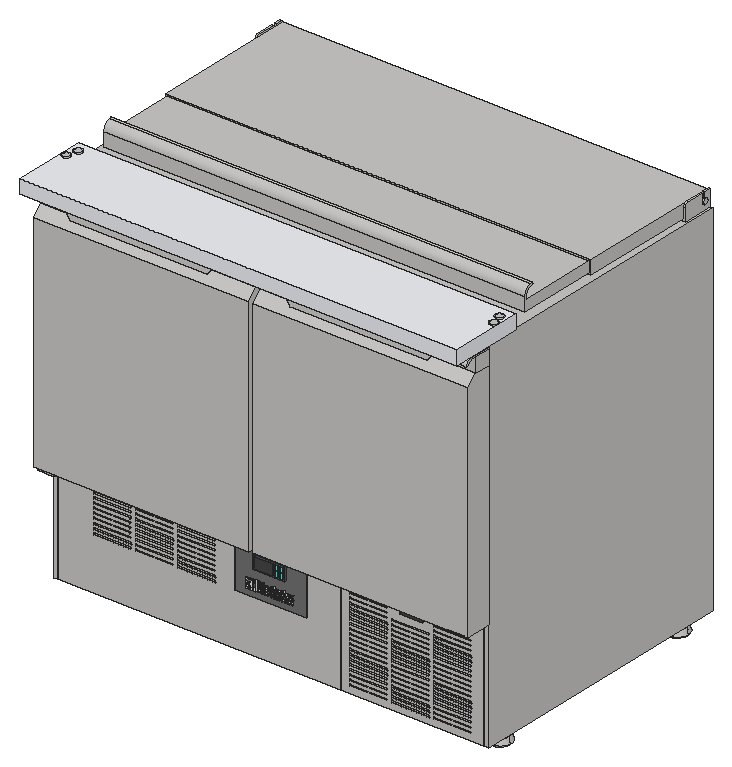
Revit family "QF_ELECTROLUXPROFESSIONAL_725107_SAL25L2C9", category Attrezzature speciali, Revit 2021
Family settings
  Quota connettore circolare = Usa diametro
  Tipo di parte = Normale
  Basato su piano di lavoro = No
  Sempre verticale = Sì
  Taglio con vuoti quando caricato = No
  Condiviso = No
  Punto di calcolo locali = No
Parameters (values of type "Standard")
  Weight = 68.00 kg
  Watts = 220 W
  Volts = 220 V
  URL Manufacturer = "https://www.electroluxprofessional.com/"
  URL = "https://www.electroluxprofessional.com/"
  Steam Supply Size = 0 mm
  Steam Supply Minimum Pressure = 0.0 Pa
  Steam Supply Maximum Pressure = 0.0 Pa
  Steam Consumption per Hour = 0
  Refrigeration Suction Line Size = 0 mm
  Refrigeration Liquid Line Size = 0 mm
  Refrigerant Compressor Remote = yes
  Prospetto di default = 0 mm
  Produttore = "Electrolux Professional"
  Phase = 1
  Modello = "SAL25L2C9"
  Length Actual = 950 mm  # constant formula
  Item Number = "725107"
  Hot Water Size = 0 mm
  Height Actual = 863 mm  # constant formula
  HP = "0.3 HP"
  Gas Size = 0 mm
  Gas KW = 0
  Gas Input Pressure = 0 W
  Direct Waste Size = 0 mm
  Descrizione = "2-DOOR SALADETTE 250L+LID+CHOPPING BOARD R290"
  Depth Actual = 700 mm  # constant formula
  Cycle = 50 Hz
  Condensate Return Size = 0 mm
  Compressed Air Volume = 0.0 L/s
  Compressed Air Size = 0 mm
  Compressed Air Pressure = 0.0 Pa
  Cold Water Size = 0 mm
  Accessory = yes
Reference planes
  plane 1: z = 0
  plane 2 "Center (Left/Right)": x = -126.5
  plane 3 "Center (Front/Back)": y = 64.5
  plane 4 "BACK": y = 414.5
  plane 5 "FRONT": y = -285.5
  plane 6 "LEFT": x = -604
  plane 7 "RIGHT": x = 351
  plane 8 "FEET": z = 20
  plane 9 "TOP": z = 838
  plane 10 "PLAIN": z = 808
  plane 11 "EI_back": y = 414.5
  plane 12 "EI_left": x = 287.5
  plane 13 "BorderFront": y = -252.5
  plane 14 "DOOR": y = -197.5
  plane 15 "BorderLeft": x = -601.5
  plane 16 "BorderRight": x = 348.5
  plane 17: x = -576.5
  plane 18: x = 323.5
  plane 19: y = -701.5
  plane 20: z = 260
  plane 21 "FeetBack": y = 347.5
  plane 22 "FeetFront": y = -137.5
  plane 23 "FeetRight": x = 326.2
  plane 24 "FeetLeft": x = -579.2
  plane 25 "DrainX": x = -271.5
  plane 26 "DrainY": y = 91.5
  plane 27: z = 238
  plane 28: z = 1140
Forms (mm)
  Extrusion 1, solid, material "QF_Finishes_Stainless Steel"
    sketch origin (-1022.223, 359, -1763) x (-1, 0, 0) y (0, 0, -1)
      loop
        circle (-1309.723, -1883) r 5
    from -55.5 to -57.278
  Extrusion 2, solid, material "QF_Finishes_Stainless Steel"
    sketch origin (-1022.223, -1524, 20) x (-1, 0, 0) y (0, -1, 0)
      loop
        line (-420.723, -1938.5) -> (-420.723, -1326.5) -> (-1370.723, -1326.5) -> (-1370.723, -1938.5) -> (-420.723, -1938.5)
    from 0 to 788
  Extrusion 3, solid, material "QF_Finishes_White"
    sketch origin (0, 0, 808) x (-1, 0, 0) y (0, -1, 0)
      loop
        line (604, 125.5) -> (604, 285.5) -> (-351, 285.5) -> (-351, 125.5) -> (604, 125.5)
      loop
        circle (586.656, 148.884) r 8.77
      loop
        circle (593.656, 172.884) r 8.77
      loop
        circle (-333.656, 148.884) r 8.77
      loop
        circle (-340.656, 172.884) r 8.77
    from 0 to 30
  Extrusion 4, void
    sketch origin (0, 0, 0) x (1, 0, 0) y (0, 1, 0)
      loop
        line (-591.5, -197.5) -> (338.5, -197.5) -> (338.5, -195.5) -> (-591.5, -195.5) -> (-591.5, -197.5)
    from 20 to 260
  Extrusion 5, solid, material "QF_Finishes_Stainless Steel"
    sketch origin (0, 0, 0) x (1, 0, 0) y (0, 1, 0)
      loop
        line (-591.5, -195.5) -> (-591.5, -197.5) -> (26.373, -197.5) -> (26.373, -195.5) -> (-591.5, -195.5)
    from 20 to 260
  Extrusion 6, solid, material "QF_Finishes_Stainless Steel"
    sketch origin (0, 0, 0) x (1, 0, 0) y (0, 1, 0)
      loop
        line (26.373, -195.5) -> (26.373, -197.5) -> (338.5, -197.5) -> (338.5, -195.5) -> (26.373, -195.5)
    from 20 to 260
  Extrusion 7, void
    sketch origin (560, -285.5, 0) x (-1, 0, 0) y (0, 0, 1)
      loop
        line (514.036, 239.427) -> (431.036, 239.427) -> (431.036, 234.427) -> (514.036, 234.427) -> (514.036, 239.427)
      loop
        line (514.036, 229.427) -> (431.036, 229.427) -> (431.036, 224.427) -> (514.036, 224.427) -> (514.036, 229.427)
      loop
        line (514.036, 219.427) -> (431.036, 219.427) -> (431.036, 214.427) -> (514.036, 214.427) -> (514.036, 219.427)
      loop
        line (514.036, 209.427) -> (431.036, 209.427) -> (431.036, 204.427) -> (514.036, 204.427) -> (514.036, 209.427)
      loop
        line (514.036, 199.427) -> (431.036, 199.427) -> (431.036, 194.427) -> (514.036, 194.427) -> (514.036, 199.427)
      loop
        line (514.036, 189.427) -> (431.036, 189.427) -> (431.036, 184.427) -> (514.036, 184.427) -> (514.036, 189.427)
      loop
        line (514.036, 179.427) -> (431.036, 179.427) -> (431.036, 174.427) -> (514.036, 174.427) -> (514.036, 179.427)
      loop
        line (514.036, 169.427) -> (431.036, 169.427) -> (431.036, 164.427) -> (514.036, 164.427) -> (514.036, 169.427)
      loop
        line (514.036, 149.427) -> (431.036, 149.427) -> (431.036, 144.427) -> (514.036, 144.427) -> (514.036, 149.427)
      loop
        line (514.036, 139.427) -> (431.036, 139.427) -> (431.036, 134.427) -> (514.036, 134.427) -> (514.036, 139.427)
      loop
        line (422.036, 199.427) -> (339.036, 199.427) -> (339.036, 194.427) -> (422.036, 194.427) -> (422.036, 199.427)
      loop
        line (422.036, 189.427) -> (339.036, 189.427) -> (339.036, 184.427) -> (422.036, 184.427) -> (422.036, 189.427)
      loop
        line (422.036, 179.427) -> (339.036, 179.427) -> (339.036, 174.427) -> (422.036, 174.427) -> (422.036, 179.427)
      loop
        line (422.036, 149.427) -> (339.036, 149.427) -> (339.036, 144.427) -> (422.036, 144.427) -> (422.036, 149.427)
      loop
        line (422.036, 139.427) -> (339.036, 139.427) -> (339.036, 134.427) -> (422.036, 134.427) -> (422.036, 139.427)
      loop
        line (330.036, 239.427) -> (247.036, 239.427) -> (247.036, 234.427) -> (330.036, 234.427) -> (330.036, 239.427)
      loop
        line (330.036, 229.427) -> (247.036, 229.427) -> (247.036, 224.427) -> (330.036, 224.427) -> (330.036, 229.427)
      loop
        line (330.036, 219.427) -> (247.036, 219.427) -> (247.036, 214.427) -> (330.036, 214.427) -> (330.036, 219.427)
      loop
        line (330.036, 209.427) -> (247.036, 209.427) -> (247.036, 204.427) -> (330.036, 204.427) -> (330.036, 209.427)
      loop
        line (330.036, 199.427) -> (247.036, 199.427) -> (247.036, 194.427) -> (330.036, 194.427) -> (330.036, 199.427)
      loop
        line (330.036, 189.427) -> (247.036, 189.427) -> (247.036, 184.427) -> (330.036, 184.427) -> (330.036, 189.427)
      loop
        line (330.036, 179.427) -> (247.036, 179.427) -> (247.036, 174.427) -> (330.036, 174.427) -> (330.036, 179.427)
      loop
        line (330.036, 149.427) -> (247.036, 149.427) -> (247.036, 144.427) -> (330.036, 144.427) -> (330.036, 149.427)
      loop
        line (330.036, 139.427) -> (247.036, 139.427) -> (247.036, 134.427) -> (330.036, 134.427) -> (330.036, 139.427)
      loop
        line (422.036, 169.427) -> (339.036, 169.427) -> (339.036, 164.427) -> (422.036, 164.427) -> (422.036, 169.427)
      loop
        line (330.036, 169.427) -> (247.036, 169.427) -> (247.036, 164.427) -> (330.036, 164.427) -> (330.036, 169.427)
      loop
        line (514.036, 159.427) -> (431.036, 159.427) -> (431.036, 154.427) -> (514.036, 154.427) -> (514.036, 159.427)
      loop
        line (422.036, 159.427) -> (339.036, 159.427) -> (339.036, 154.427) -> (422.036, 154.427) -> (422.036, 159.427)
      loop
        line (330.036, 159.427) -> (247.036, 159.427) -> (247.036, 154.427) -> (330.036, 154.427) -> (330.036, 159.427)
      loop
        line (514.036, 129.427) -> (431.036, 129.427) -> (431.036, 124.427) -> (514.036, 124.427) -> (514.036, 129.427)
      loop
        line (514.036, 119.427) -> (431.036, 119.427) -> (431.036, 114.427) -> (514.036, 114.427) -> (514.036, 119.427)
      loop
        line (514.036, 109.427) -> (431.036, 109.427) -> (431.036, 104.427) -> (514.036, 104.427) -> (514.036, 109.427)
      loop
        line (514.036, 99.427) -> (431.036, 99.427) -> (431.036, 94.427) -> (514.036, 94.427) -> (514.036, 99.427)
      loop
        line (514.036, 79.427) -> (431.036, 79.427) -> (431.036, 74.427) -> (514.036, 74.427) -> (514.036, 79.427)
      loop
        line (514.036, 69.427) -> (431.036, 69.427) -> (431.036, 64.427) -> (514.036, 64.427) -> (514.036, 69.427)
      loop
        line (422.036, 129.427) -> (339.036, 129.427) -> (339.036, 124.427) -> (422.036, 124.427) -> (422.036, 129.427)
      loop
        line (422.036, 119.427) -> (339.036, 119.427) -> (339.036, 114.427) -> (422.036, 114.427) -> (422.036, 119.427)
      loop
        line (422.036, 109.427) -> (339.036, 109.427) -> (339.036, 104.427) -> (422.036, 104.427) -> (422.036, 109.427)
      loop
        line (422.036, 79.427) -> (339.036, 79.427) -> (339.036, 74.427) -> (422.036, 74.427) -> (422.036, 79.427)
      loop
        line (422.036, 69.427) -> (339.036, 69.427) -> (339.036, 64.427) -> (422.036, 64.427) -> (422.036, 69.427)
      loop
        line (330.036, 129.427) -> (247.036, 129.427) -> (247.036, 124.427) -> (330.036, 124.427) -> (330.036, 129.427)
      loop
        line (330.036, 119.427) -> (247.036, 119.427) -> (247.036, 114.427) -> (330.036, 114.427) -> (330.036, 119.427)
      loop
        line (330.036, 109.427) -> (247.036, 109.427) -> (247.036, 104.427) -> (330.036, 104.427) -> (330.036, 109.427)
      loop
        line (330.036, 79.427) -> (247.036, 79.427) -> (247.036, 74.427) -> (330.036, 74.427) -> (330.036, 79.427)
      loop
        line (330.036, 69.427) -> (247.036, 69.427) -> (247.036, 64.427) -> (330.036, 64.427) -> (330.036, 69.427)
      loop
        line (422.036, 99.427) -> (339.036, 99.427) -> (339.036, 94.427) -> (422.036, 94.427) -> (422.036, 99.427)
      loop
        line (330.036, 99.427) -> (247.036, 99.427) -> (247.036, 94.427) -> (330.036, 94.427) -> (330.036, 99.427)
      loop
        line (514.036, 89.427) -> (431.036, 89.427) -> (431.036, 84.427) -> (514.036, 84.427) -> (514.036, 89.427)
      loop
        line (422.036, 89.427) -> (339.036, 89.427) -> (339.036, 84.427) -> (422.036, 84.427) -> (422.036, 89.427)
      loop
        line (330.036, 89.427) -> (247.036, 89.427) -> (247.036, 84.427) -> (330.036, 84.427) -> (330.036, 89.427)
      loop
        line (514.036, 49.427) -> (431.036, 49.427) -> (431.036, 44.427) -> (514.036, 44.427) -> (514.036, 49.427)
      loop
        line (514.036, 39.427) -> (431.036, 39.427) -> (431.036, 34.427) -> (514.036, 34.427) -> (514.036, 39.427)
      loop
        line (422.036, 49.427) -> (339.036, 49.427) -> (339.036, 44.427) -> (422.036, 44.427) -> (422.036, 49.427)
      loop
        line (422.036, 39.427) -> (339.036, 39.427) -> (339.036, 34.427) -> (422.036, 34.427) -> (422.036, 39.427)
      loop
        line (330.036, 49.427) -> (247.036, 49.427) -> (247.036, 44.427) -> (330.036, 44.427) -> (330.036, 49.427)
      loop
        line (330.036, 39.427) -> (247.036, 39.427) -> (247.036, 34.427) -> (330.036, 34.427) -> (330.036, 39.427)
      loop
        line (514.036, 59.427) -> (431.036, 59.427) -> (431.036, 54.427) -> (514.036, 54.427) -> (514.036, 59.427)
      loop
        line (422.036, 59.427) -> (339.036, 59.427) -> (339.036, 54.427) -> (422.036, 54.427) -> (422.036, 59.427)
      loop
        line (330.036, 59.427) -> (247.036, 59.427) -> (247.036, 54.427) -> (330.036, 54.427) -> (330.036, 59.427)
      loop
        line (405.536, 239.427) -> (355.536, 239.427) -> (355.536, 214.427) -> (405.536, 214.427) -> (405.536, 239.427)
    from 88 to 90
  Extrusion 8, solid, material "QF_Finishes_Black"
    sketch origin (0, -285.5, 0) x (-1, 0, 0) y (0, 0, 1)
      loop
        line (-154.464, 239.427) -> (-204.464, 239.427) -> (-204.464, 214.427) -> (-154.464, 214.427) -> (-154.464, 239.427)
    from 88 to 90
  Extrusion 9, solid, material "QF_Finishes_Stainless Steel"
    sketch origin (-1022.223, -1524, 20) x (-1, 0, 0) y (0, -1, 0)
      loop
        circle (-750.723, -1615.5) r 6.35
    from 199.427 to 218
  Extrusion 10, solid, material "QF_Finishes_Stainless Steel"
    sketch origin (-126.5, 0, 0) x (0, 1, 0) y (0, 0, 1)
      loop
        line (-78.684, 816.252) -> (96.316, 816.252) -> (96.316, 838) -> (-75.684, 838) -> (-75.684, 844.369)
        arc (-75.684, 844.369) -> (-72.171, 854.718) -> (-63.084, 860.79) r 17
        line (-63.084, 860.79) -> (-58.287, 862.076) -> (-59.064, 864.973) -> (-63.861, 863.688)
        arc (-63.861, 863.688) -> (-74.551, 856.545) -> (-78.684, 844.369) r 20
        line (-78.684, 844.369) -> (-78.684, 816.252)
    from -460 to 460
  Extrusion 11, solid, material "QF_Finishes_Stainless Steel"
    sketch origin (0, 0, 808) x (-1, 0, 0) y (0, -1, 0)
      loop
        circle (586.656, 148.884) r 8.77
      loop
        circle (593.656, 172.884) r 8.77
      loop
        circle (-333.656, 148.884) r 8.77
      loop
        circle (-340.656, 172.884) r 8.77
    from 0 to 31
  Extrusion 12, solid, material "QF_Finishes_Stainless Steel"
    sketch origin (0, 414.5, 0) x (-1, 0, 0) y (0, 0, 1)
      loop
        line (-334.5, 815.252) -> (586.5, 815.252) -> (586.5, 839) -> (-334.5, 839) -> (-334.5, 815.252)
      loop
        line (590.5, 842) -> (-337.5, 842) -> (-337.5, 812.252) -> (590.5, 812.252) -> (590.5, 842)
    from 0 to -318.184
  Extrusion 13, void
    sketch origin (0, -285.5, 0) x (-1, 0, 0) y (0, 0, 1)
      loop
        line (514.036, 239.427) -> (431.036, 239.427) -> (431.036, 234.427) -> (514.036, 234.427) -> (514.036, 239.427)
      loop
        line (514.036, 229.427) -> (431.036, 229.427) -> (431.036, 224.427) -> (514.036, 224.427) -> (514.036, 229.427)
      loop
        line (514.036, 219.427) -> (431.036, 219.427) -> (431.036, 214.427) -> (514.036, 214.427) -> (514.036, 219.427)
      loop
        line (514.036, 209.427) -> (431.036, 209.427) -> (431.036, 204.427) -> (514.036, 204.427) -> (514.036, 209.427)
      loop
        line (514.036, 199.427) -> (431.036, 199.427) -> (431.036, 194.427) -> (514.036, 194.427) -> (514.036, 199.427)
      loop
        line (514.036, 189.427) -> (431.036, 189.427) -> (431.036, 184.427) -> (514.036, 184.427) -> (514.036, 189.427)
      loop
        line (514.036, 179.427) -> (431.036, 179.427) -> (431.036, 174.427) -> (514.036, 174.427) -> (514.036, 179.427)
      loop
        line (514.036, 169.427) -> (431.036, 169.427) -> (431.036, 164.427) -> (514.036, 164.427) -> (514.036, 169.427)
      loop
        line (514.036, 149.427) -> (431.036, 149.427) -> (431.036, 144.427) -> (514.036, 144.427) -> (514.036, 149.427)
      loop
        line (514.036, 139.427) -> (431.036, 139.427) -> (431.036, 134.427) -> (514.036, 134.427) -> (514.036, 139.427)
      loop
        line (422.036, 199.427) -> (339.036, 199.427) -> (339.036, 194.427) -> (422.036, 194.427) -> (422.036, 199.427)
      loop
        line (422.036, 189.427) -> (339.036, 189.427) -> (339.036, 184.427) -> (422.036, 184.427) -> (422.036, 189.427)
      loop
        line (422.036, 179.427) -> (339.036, 179.427) -> (339.036, 174.427) -> (422.036, 174.427) -> (422.036, 179.427)
      loop
        line (422.036, 149.427) -> (339.036, 149.427) -> (339.036, 144.427) -> (422.036, 144.427) -> (422.036, 149.427)
      loop
        line (422.036, 139.427) -> (339.036, 139.427) -> (339.036, 134.427) -> (422.036, 134.427) -> (422.036, 139.427)
      loop
        line (330.036, 239.427) -> (247.036, 239.427) -> (247.036, 234.427) -> (330.036, 234.427) -> (330.036, 239.427)
      loop
        line (330.036, 229.427) -> (247.036, 229.427) -> (247.036, 224.427) -> (330.036, 224.427) -> (330.036, 229.427)
      loop
        line (330.036, 219.427) -> (247.036, 219.427) -> (247.036, 214.427) -> (330.036, 214.427) -> (330.036, 219.427)
      loop
        line (330.036, 209.427) -> (247.036, 209.427) -> (247.036, 204.427) -> (330.036, 204.427) -> (330.036, 209.427)
      loop
        line (330.036, 199.427) -> (247.036, 199.427) -> (247.036, 194.427) -> (330.036, 194.427) -> (330.036, 199.427)
      loop
        line (330.036, 189.427) -> (247.036, 189.427) -> (247.036, 184.427) -> (330.036, 184.427) -> (330.036, 189.427)
      loop
        line (330.036, 179.427) -> (247.036, 179.427) -> (247.036, 174.427) -> (330.036, 174.427) -> (330.036, 179.427)
      loop
        line (330.036, 149.427) -> (247.036, 149.427) -> (247.036, 144.427) -> (330.036, 144.427) -> (330.036, 149.427)
      loop
        line (330.036, 139.427) -> (247.036, 139.427) -> (247.036, 134.427) -> (330.036, 134.427) -> (330.036, 139.427)
      loop
        line (422.036, 169.427) -> (339.036, 169.427) -> (339.036, 164.427) -> (422.036, 164.427) -> (422.036, 169.427)
      loop
        line (330.036, 169.427) -> (247.036, 169.427) -> (247.036, 164.427) -> (330.036, 164.427) -> (330.036, 169.427)
      loop
        line (514.036, 159.427) -> (431.036, 159.427) -> (431.036, 154.427) -> (514.036, 154.427) -> (514.036, 159.427)
      loop
        line (422.036, 159.427) -> (339.036, 159.427) -> (339.036, 154.427) -> (422.036, 154.427) -> (422.036, 159.427)
      loop
        line (330.036, 159.427) -> (247.036, 159.427) -> (247.036, 154.427) -> (330.036, 154.427) -> (330.036, 159.427)
      loop
        line (422.036, 239.427) -> (339.036, 239.427) -> (339.036, 234.427) -> (422.036, 234.427) -> (422.036, 239.427)
      loop
        line (422.036, 229.427) -> (339.036, 229.427) -> (339.036, 224.427) -> (422.036, 224.427) -> (422.036, 229.427)
      loop
        line (422.036, 219.427) -> (339.036, 219.427) -> (339.036, 214.427) -> (422.036, 214.427) -> (422.036, 219.427)
      loop
        line (422.036, 209.427) -> (339.036, 209.427) -> (339.036, 204.427) -> (422.036, 204.427) -> (422.036, 209.427)
      loop
        line (204.5, 134.427) -> (204.5, 239.427) -> (48.5, 239.427) -> (48.5, 134.427) -> (204.5, 134.427)
    from 88 to 90
  Extrusion 14, solid, material "QF_Finishes_Stainless Steel"
    sketch origin (0, 414.5, 0) x (-1, 0, 0) y (0, 0, 1)
      loop
        line (-343.5, 808) -> (596.5, 808) -> (596.5, 844.142) -> (592.5, 844.142) -> (592.5, 812) -> (-339.5, 812) -> (-339.5, 844.142) -> (-343.5, 844.142) -> (-343.5, 808)
    from 0 to -67
  Extrusion 15, void
    sketch origin (-604, 0, 0) x (0, 1, 0) y (0, 0, 1)
      loop
        line (355.917, 844.142) -> (347.5, 844.142) -> (347.5, 835.725)
        arc (347.5, 835.725) -> (349.965, 841.676) -> (355.917, 844.142) r 8.417
      loop
        line (400.565, 844.142) -> (392.565, 844.142) -> (392.565, 824.142) -> (400.565, 824.142) -> (400.565, 844.142)
    from 7.5 to 11.5
  Extrusion 16, void
    sketch origin (351, 0, 0) x (0, 1, 0) y (0, 0, 1)
      loop
        line (355.917, 844.142) -> (347.5, 844.142) -> (347.5, 835.725)
        arc (347.5, 835.725) -> (349.965, 841.676) -> (355.917, 844.142) r 8.417
      loop
        line (400.565, 844.142) -> (392.565, 844.142) -> (392.565, 824.142) -> (400.565, 824.142) -> (400.565, 844.142)
    from -7.5 to -11.5
  Extrusion 17, void
    sketch origin (-126.5, 0, 0) x (0, 1, 0) y (0, 0, 1)
      loop
        circle (396.565, 829.168) r 3.513
    from 464 to -464
  Extrusion 18, solid, material "QF_Finishes_Stainless Steel"
    sketch origin (-604, 0, 0) x (0, 1, 0) y (0, 0, 1)
      loop
        line (390.189, 829.168) -> (393.377, 823.646) -> (399.753, 823.646) -> (402.942, 829.168) -> (399.753, 834.69) -> (393.377, 834.69) -> (390.189, 829.168)
    from 7.5 to 2.5
  Extrusion 19, solid, material "QF_Finishes_Stainless Steel"
    sketch origin (-126.5, 0, 0) x (0, 1, 0) y (0, 0, 1)
      loop
        circle (396.565, 829.168) r 3.513
    from 470 to -470
  Extrusion 20, solid, material "QF_Finishes_Stainless Steel"
    sketch origin (351, 0, 0) x (0, 1, 0) y (0, 0, 1)
      loop
        line (390.189, 829.168) -> (393.377, 823.646) -> (399.753, 823.646) -> (402.942, 829.168) -> (399.753, 834.69) -> (393.377, 834.69) -> (390.189, 829.168)
    from -7.5 to -2.5
  Extrusion 21, solid, material "QF_Door-Drawer Clearances", detail levels coarse
    sketch origin (-126.5, 0, 0) x (0, 1, 0) y (0, 0, 1)
      loop
        line (414.5, 844.142) -> (414.5, 1140) -> (384.5, 1140) -> (384.5, 844.142) -> (414.5, 844.142)
    from 460 to -460
  Extrusion 22, solid, material "QF_Door-Drawer Clearances", detail levels coarse
    sketch origin (-126.5, 0, 0) x (0, 1, 0) y (0, 0, 1)
      loop
        line (384.5, 844.142) -> (384.5, 1140)
        arc (384.5, 1140) -> (175.297, 1053.345) -> (88.642, 844.142) r 295.858
        line (88.642, 844.142) -> (384.5, 844.142)
    from 460 to -460
Cuts and joins
  Extrusion 4, Extrusion 7, Extrusion 13 cuts Extrusion 2
  Extrusion 7, Extrusion 13 cuts Extrusion 5
  Extrusion 7, Extrusion 13 cuts Extrusion 6
  Extrusion 13 cuts Extrusion 8
  Extrusion 15, Extrusion 17 cuts Extrusion 12
  Extrusion 15, Extrusion 16 cuts Extrusion 14
Lines and regions (mm)
  symbolic lines, style "SpecialityEquipment"
    curve 1: line (-604, 414.5, 808) -> (351, 414.5, 808)
    curve 2: line (-604, -285.5, 808) -> (-604, 414.5, 808)
    curve 3: line (351, -285.5, 808) -> (-604, -285.5, 808)
    curve 4: line (351, 414.5, 808) -> (351, -285.5, 808)
  symbolic lines, style "SpecialityEquipmentHiddenLines"
    curve 5: line (-604, -197.5, 808) -> (351, -197.5, 808)
  symbolic lines
    curve 6: line (-586.5, -78.684, 808) -> (333.5, -78.684, 808)
    curve 7: line (333.5, -78.684, 808) -> (333.5, 96.316, 808)
    curve 8: line (337.5, 96.316, 808) -> (-590.5, 96.316, 808)
    curve 9: line (-590.5, 96.316, 808) -> (-590.5, 414.5, 808)
    curve 10: line (-586.5, -78.684, 808) -> (-586.5, 96.316, 808)
    curve 11: line (337.5, 96.316, 808) -> (337.5, 414.5, 808)
    curve 12: line (343.5, 347.5, 808) -> (343.5, 393.052, 808)
    curve 13: line (343.5, 393.052, 808) -> (337.5, 393.052, 808)
    curve 14: line (343.5, 400.078, 808) -> (337.5, 400.078, 808)
    curve 15: line (339.5, 393.052, 808) -> (339.5, 347.5, 808)
    curve 16: line (339.5, 347.5, 808) -> (343.5, 347.5, 808)
    curve 17: line (343.5, 400.078, 808) -> (343.5, 414.5, 808)
    curve 18: line (339.5, 400.078, 808) -> (339.5, 414.5, 808)
    curve 19: line (-596.5, 347.5, 808) -> (-596.5, 393.052, 808)
    curve 20: line (-596.5, 393.052, 808) -> (-590.5, 393.052, 808)
    curve 21: line (-596.5, 400.078, 808) -> (-590.5, 400.078, 808)
    curve 22: line (-592.5, 393.052, 808) -> (-592.5, 347.5, 808)
    curve 23: line (-592.5, 347.5, 808) -> (-596.5, 347.5, 808)
    curve 24: line (-596.5, 400.078, 808) -> (-596.5, 414.5, 808)
    curve 25: line (-592.5, 400.078, 808) -> (-592.5, 414.5, 808)
    curve 26: line (343.5, 402.942, 808) -> (348.5, 402.942, 808)
    curve 27: line (348.5, 402.942, 808) -> (348.5, 390.189, 808)
    curve 28: line (348.5, 390.189, 808) -> (343.5, 390.189, 808)
    curve 29: line (343.5, 400.078, 808) -> (343.5, 393.052, 808)
    curve 30: line (-596.5, 402.942, 808) -> (-601.5, 402.942, 808)
    curve 31: line (-601.5, 402.942, 808) -> (-601.5, 390.189, 808)
    curve 32: line (-601.5, 390.189, 808) -> (-596.5, 390.189, 808)
    curve 33: line (-596.5, 400.078, 808) -> (-596.5, 393.052, 808)
    curve 34: line (-586.5, -59.064, 808) -> (333.5, -59.064, 808)
Dimensions and locks
  equal spacing: plane 6 "LEFT", plane 2 "Center (Left/Right)", plane 7 "RIGHT"
  plane 8 "FEET" to level = 20 mm  (x2)
  plane 13 "BorderFront" to plane 5 "FRONT" = 33 mm
  plane 14 "DOOR" to plane 13 "BorderFront" = 55 mm
  plane 6 "LEFT" to plane 15 "BorderLeft" = 2.5 mm
  plane 16 "BorderRight" to plane 7 "RIGHT" = 2.5 mm
  plane 10 "PLAIN" to plane 8 "FEET" = 788 mm  (x2)
  plane 18 to plane 16 "BorderRight" = 25 mm
  plane 6 "LEFT" to plane 7 "RIGHT" = 955 mm
  plane 4 "BACK" to plane 5 "FRONT" = 700 mm
  equal spacing: plane 4 "BACK", plane 3 "Center (Front/Back)", plane 5 "FRONT"
  plane 20 to plane 8 "FEET" = 240 mm
  plane 22 "FeetFront" to plane 14 "DOOR" = 60 mm
  plane 23 "FeetRight" to plane 16 "BorderRight" = 22.3 mm
  plane 12 "EI_left" to plane 16 "BorderRight" = 61 mm
  plane 15 "BorderLeft" to plane 25 "DrainX" = 330 mm
  plane 27 to plane 8 "FEET" = 218 mm
  plane 28 to plane 10 "PLAIN" = 332 mm  (x2)
  plane 9 "TOP" to plane 10 "PLAIN" = 30 mm
  plane 11 "EI_back" to plane 19 = 1116 mm
  plane 11 "EI_back" to plane 26 "DrainY" = 323 mm
  aligned and locked: level to plane 1
Automatic sketch dimensions
  Extrusion 1 sketch curve to plane 12 "EI_left" = 0 mm
  plane 8 "FEET" to Extrusion 1 sketch curve = 100 mm
  Extrusion 2 sketch curve to plane 4 "BACK" = 0 mm
  Extrusion 2 sketch curve to plane 16 "BorderRight" = 0 mm
  Extrusion 2 sketch curve to plane 14 "DOOR" = 0 mm
  Extrusion 2 sketch curve to plane 15 "BorderLeft" = 0 mm
  Extrusion 3 sketch curve to plane 7 "RIGHT" = 0 mm
  Extrusion 3 sketch curve to plane 5 "FRONT" = 0 mm
  Extrusion 3 sketch curve to plane 6 "LEFT" = 0 mm
  Extrusion 3 sketch curve to plane 16 "BorderRight" = 7.844 mm
  plane 23 "FeetRight" to Extrusion 3 sketch curve = 7.456 mm
  plane 24 "FeetLeft" to Extrusion 3 sketch curve = 7.456 mm
  plane 15 "BorderLeft" to Extrusion 3 sketch curve = 7.844 mm
  plane 14 "DOOR" to Extrusion 3 sketch curve = 24.616 mm  (x2)
  Extrusion 3 sketch curve to plane 22 "FeetFront" = 11.384 mm  (x2)
  plane 22 "FeetFront" to Extrusion 3 sketch curve = 12 mm
  Extrusion 4 sketch curve to plane 14 "DOOR" = 0 mm
  plane 15 "BorderLeft" to Extrusion 4 sketch curve = 10 mm
  plane 14 "DOOR" to Extrusion 4 sketch curve = 2 mm
  Extrusion 4 sketch curve to plane 16 "BorderRight" = 10 mm
  Extrusion 5 sketch curve to plane 14 "DOOR" = 0 mm
  plane 15 "BorderLeft" to Extrusion 5 sketch curve = 10 mm
  plane 2 "Center (Left/Right)" to Extrusion 5 sketch curve = 152.873 mm
  plane 14 "DOOR" to Extrusion 5 sketch curve = 2 mm
  Extrusion 6 sketch curve to plane 14 "DOOR" = 0 mm
  plane 2 "Center (Left/Right)" to Extrusion 6 sketch curve = 152.873 mm
  Extrusion 6 sketch curve to plane 16 "BorderRight" = 10 mm
  plane 14 "DOOR" to Extrusion 6 sketch curve = 2 mm
  Extrusion 7 sketch curve to plane 18 = 10.536 mm  (x6)
  Extrusion 7 sketch curve to Extrusion 7 sketch curve = 0 mm  (x94)
  Extrusion 7 sketch curve to plane 12 "EI_left" = 57.536 mm  (x2)
  plane 27 to Extrusion 7 sketch curve = 1.427 mm  (x3)
  Extrusion 7 sketch curve to Extrusion 7 sketch curve = 9 mm  (x12)
  Extrusion 7 sketch curve to Extrusion 7 sketch curve = 16.5 mm  (x2)
  Extrusion 7 sketch curve to Extrusion 7 sketch curve = 50 mm
  Extrusion 7 sketch curve to Extrusion 7 sketch curve = 83 mm  (x3)
  plane 8 "FEET" to Extrusion 7 sketch curve = 29.427 mm  (x2)
  Extrusion 7 sketch curve to Extrusion 7 sketch curve = 5 mm  (x112)
  Extrusion 7 sketch curve to Extrusion 7 sketch curve = 15 mm
  Extrusion 7 sketch curve to plane 27 = 3.573 mm  (x2)
  plane 27 to Extrusion 8 sketch curve = 1.427 mm
  Extrusion 8 sketch curve to plane 12 "EI_left" = 83.036 mm
  Extrusion 8 sketch curve to plane 27 = 23.573 mm
  Extrusion 8 sketch curve to Extrusion 8 sketch curve = 50 mm
  Extrusion 9 sketch curve to plane 25 "DrainX" = 0 mm
  Extrusion 9 sketch curve to plane 26 "DrainY" = 0 mm
  Extrusion 10 sketch curve to Extrusion 10 sketch curve = 0 mm  (x2)
  Extrusion 10 sketch curve to plane 9 "TOP" = 0 mm
  plane 10 "PLAIN" to Extrusion 10 sketch curve = 8.252 mm
  plane 22 "FeetFront" to Extrusion 10 sketch curve = 58.816 mm
  Extrusion 10 sketch curve to Extrusion 10 sketch curve = 3 mm
  plane 9 "TOP" to Extrusion 10 sketch curve = 25.688 mm
  Extrusion 10 sketch curve to Extrusion 10 sketch curve = 11.824 mm
  plane 9 "TOP" to Extrusion 10 sketch curve = 22.79 mm
  plane 9 "TOP" to Extrusion 10 sketch curve = 26.973 mm
  Extrusion 10 sketch curve to Extrusion 10 sketch curve = 4.797 mm
  plane 9 "TOP" to Extrusion 10 sketch curve = 6.369 mm
  plane 26 "DrainY" to Extrusion 10 sketch curve = 4.816 mm
  Extrusion 11 sketch curve to plane 16 "BorderRight" = 7.844 mm
  plane 23 "FeetRight" to Extrusion 11 sketch curve = 7.456 mm
  plane 24 "FeetLeft" to Extrusion 11 sketch curve = 7.456 mm
  plane 15 "BorderLeft" to Extrusion 11 sketch curve = 7.844 mm
  Extrusion 11 sketch curve to plane 22 "FeetFront" = 11.384 mm  (x2)
  plane 14 "DOOR" to Extrusion 11 sketch curve = 24.616 mm  (x2)
  plane 9 "TOP" to Extrusion 12 sketch curve = 4 mm
  Extrusion 12 sketch curve to plane 16 "BorderRight" = 11 mm
  plane 9 "TOP" to Extrusion 12 sketch curve = 1 mm
  Extrusion 12 sketch curve to Extrusion 12 sketch curve = 3 mm  (x2)
  plane 24 "FeetLeft" to Extrusion 12 sketch curve = 7.3 mm
  Extrusion 12 sketch curve to Extrusion 12 sketch curve = 4 mm
  plane 10 "PLAIN" to Extrusion 12 sketch curve = 7.252 mm
  plane 2 "Center (Left/Right)" to Extrusion 13 sketch curve = 78 mm
  plane 27 to Extrusion 13 sketch curve = 1.427 mm  (x4)
  plane 25 "DrainX" to Extrusion 13 sketch curve = 67 mm
  plane 25 "DrainX" to Extrusion 13 sketch curve = 24.464 mm  (x2)
  Extrusion 13 sketch curve to Extrusion 13 sketch curve = 0 mm  (x56)
  Extrusion 13 sketch curve to plane 25 "DrainX" = 58.536 mm
  Extrusion 13 sketch curve to Extrusion 13 sketch curve = 9 mm  (x6)
  Extrusion 13 sketch curve to Extrusion 13 sketch curve = 83 mm
  Extrusion 13 sketch curve to plane 27 = 3.573 mm  (x3)
  Extrusion 13 sketch curve to plane 27 = 13.573 mm  (x2)
  plane 17 to Extrusion 13 sketch curve = 62.464 mm  (x2)
  Extrusion 13 sketch curve to Extrusion 13 sketch curve = 5 mm  (x57)
  Extrusion 14 sketch curve to plane 10 "PLAIN" = 0 mm
  Extrusion 14 sketch curve to plane 16 "BorderRight" = 5 mm
  Extrusion 14 sketch curve to Extrusion 14 sketch curve = 4 mm
  plane 15 "BorderLeft" to Extrusion 14 sketch curve = 9 mm
  plane 15 "BorderLeft" to Extrusion 14 sketch curve = 5 mm
  plane 10 "PLAIN" to Extrusion 14 sketch curve = 4 mm
  plane 9 "TOP" to Extrusion 14 sketch curve = 6.142 mm  (x2)
  Extrusion 15 sketch curve to plane 21 "FeetBack" = 0 mm  (x2)
  Extrusion 15 sketch curve to plane 9 "TOP" = 2.275 mm
  plane 21 "FeetBack" to Extrusion 15 sketch curve = 8.417 mm
  plane 9 "TOP" to Extrusion 15 sketch curve = 6.142 mm  (x2)
  Extrusion 15 sketch curve to plane 4 "BACK" = 21.935 mm
  Extrusion 15 sketch curve to Extrusion 15 sketch curve = 8 mm
  Extrusion 15 sketch curve to plane 9 "TOP" = 13.858 mm
  Extrusion 15 sketch curve to Extrusion 15 sketch curve = 0 mm  (x2)
  Extrusion 16 sketch curve to plane 21 "FeetBack" = 0 mm  (x2)
  Extrusion 16 sketch curve to plane 9 "TOP" = 2.275 mm
  Extrusion 16 sketch curve to Extrusion 16 sketch curve = 8.417 mm
  Extrusion 16 sketch curve to plane 4 "BACK" = 21.935 mm
  Extrusion 16 sketch curve to Extrusion 16 sketch curve = 8 mm
  Extrusion 16 sketch curve to plane 9 "TOP" = 13.858 mm
  plane 9 "TOP" to Extrusion 16 sketch curve = 6.142 mm  (x2)
  Extrusion 16 sketch curve to Extrusion 16 sketch curve = 0 mm  (x2)
  Extrusion 17 sketch curve to plane 9 "TOP" = 8.832 mm
  Extrusion 17 sketch curve to plane 4 "BACK" = 17.935 mm
  Extrusion 18 sketch curve to plane 9 "TOP" = 8.832 mm
  Extrusion 18 sketch curve to plane 4 "BACK" = 24.311 mm
  Extrusion 18 sketch curve to Extrusion 18 sketch curve = 3.188 mm  (x3)
  Extrusion 18 sketch curve to plane 9 "TOP" = 3.31 mm
  Extrusion 18 sketch curve to Extrusion 18 sketch curve = 6.376 mm  (x2)
  Extrusion 18 sketch curve to Extrusion 18 sketch curve = 5.522 mm  (x2)
  Extrusion 19 sketch curve to plane 9 "TOP" = 8.832 mm
  Extrusion 19 sketch curve to plane 4 "BACK" = 17.935 mm
  Extrusion 20 sketch curve to plane 9 "TOP" = 8.832 mm
  Extrusion 20 sketch curve to plane 4 "BACK" = 24.311 mm
  Extrusion 20 sketch curve to Extrusion 20 sketch curve = 3.188 mm  (x3)
  Extrusion 20 sketch curve to plane 9 "TOP" = 3.31 mm
  Extrusion 20 sketch curve to Extrusion 20 sketch curve = 6.376 mm  (x2)
  Extrusion 20 sketch curve to Extrusion 20 sketch curve = 5.522 mm  (x2)
  Extrusion 21 sketch curve to plane 28 = 0 mm
  Extrusion 21 sketch curve to plane 4 "BACK" = 0 mm
  Extrusion 21 sketch curve to plane 4 "BACK" = 30 mm
  plane 9 "TOP" to Extrusion 21 sketch curve = 6.142 mm
  Extrusion 22 sketch curve to plane 28 = 0 mm
  plane 9 "TOP" to Extrusion 22 sketch curve = 6.142 mm
  Extrusion 22 sketch curve to plane 4 "BACK" = 30 mm
  curve 4 to plane 4 "BACK" = 0 mm
  curve 4 to plane 7 "RIGHT" = 0 mm
  curve 26 to plane 16 "BorderRight" = 0 mm
  curve 16 to plane 21 "FeetBack" = 0 mm
  curve 22 to plane 21 "FeetBack" = 0 mm
  curve 32 to plane 15 "BorderLeft" = 0 mm
  curve 5 to plane 6 "LEFT" = 0 mm
  curve 5 to plane 14 "DOOR" = 0 mm
  curve 4 to plane 5 "FRONT" = 0 mm
  curve 29 to plane 16 "BorderRight" = 5 mm
  curve 12 to curve 16 = 4 mm
  plane 26 "DrainY" to curve 8 = 4.816 mm
  curve 8 to plane 16 "BorderRight" = 11 mm
  plane 23 "FeetRight" to curve 7 = 7.3 mm
  plane 24 "FeetLeft" to curve 6 = 7.3 mm
  curve 10 to curve 9 = 4 mm
  plane 15 "BorderLeft" to curve 22 = 9 mm
  plane 15 "BorderLeft" to curve 24 = 5 mm
  curve 27 to plane 4 "BACK" = 11.558 mm
  curve 31 to plane 4 "BACK" = 11.558 mm
  curve 30 to curve 33 = 2.863 mm
  curve 26 to curve 29 = 2.863 mm
  curve 14 to curve 12 = 7.027 mm
  curve 21 to curve 33 = 7.027 mm
  curve 33 to curve 31 = 2.863 mm
  curve 12 to curve 28 = 2.863 mm
  plane 22 "FeetFront" to curve 10 = 58.816 mm
  curve 18 to curve 11 = 2 mm
  curve 9 to curve 25 = 2 mm
  curve 34 to curve 6 = 19.621 mm
  radius of Extrusion 1 sketch curve = 5 mm
  radius of Extrusion 3 sketch curve = 8.77 mm  (x4)
  radius of Extrusion 9 sketch curve = 6.35 mm
  radius of Extrusion 11 sketch curve = 8.77 mm  (x4)
  radius of Extrusion 17 sketch curve = 3.513 mm
  radius of Extrusion 19 sketch curve = 3.513 mm
Nested families
  nested 1: "HORIZREF_SD_L" at (-366.5, -197.5, 531.5) x (1, 0, 0) z (0, -1, 0), type "HORIZREF_SD_L"
    with Show Clearance yes
  nested 2: "HORIZREF_SD_R" at (113.5, -197.5, 531.5) x (1, 0, 0) z (0, -1, 0), type "HORIZREF_SD_R"
    with Show Clearance yes
  nested 3: "HORIZREF_ELX_DISPLAY" at (-126.5, -195.5, 184.427) x (1, 0, 0) z (0, -1, 0), type "HORIZREF_ELX_DISPLAY"
    with Show Logo yes
  nested 4: "HORIZREF_FEET20" at (326.2, -137.5, 0), type "HORIZREF_FEET20"
  nested 5: "HORIZREF_FEET20" at (326.2, 347.5, 0), type "HORIZREF_FEET20"
  nested 6: "HORIZREF_FEET20" at (-579.2, -137.5, 0), type "HORIZREF_FEET20"
  nested 7: "HORIZREF_FEET20" at (-579.2, 347.5, 0), type "HORIZREF_FEET20"
  nested 8: "Refrigerator" at (351, -285.5, 808), type "Refrigerator"
Connectors
  electrical at (287.5, 416.278, 120), driven by "Volts"
    settings: on Extrusion 1, index 1, voltage 220 V, apparent load 0 VA, apparent load phase1 0 VA, apparent load phase2 0 VA, apparent load phase3 0 VA, power factor 1, load classification "Other", number of poles 1, system type 31, power factor state 1, is connector primary yes, connector utility no, sub classification motor no, connector description "Electrical Connection"
  piping at (-271.5, 91.5, 219.427), diameter 12.7
    settings: on Extrusion 9, index 2, connector inside diameter 609.6 mm, connector length 0 mm, flow factor 0, pipe flow 0.0 L/s, pressure drop 0.0 Pa, fitting loss kfactor 0, connector angle 0.00°, fixture units 0, engagement length 0 mm, angle of deflection 0.00°, flow configuration 0, flow direction 2, fitting loss method 0, system type 16, joint type 0, gender type 0, connector reference index -1, connector utility 0, adjustable connector no, is connector primary yes, connector description "Drain"
Definition of nested family "HORIZREF_SD_L"
  Parameters
    Show Clearance [instance] = yes
    Default Elevation = 1219.2 mm
  Reference planes
    plane 1 "Centro (Fronte/Retro)": y = 0
    plane 2: z = 0
    plane 3 "Centro (Sinistra/Destra)": x = 0
    plane 4 "Left": x = -235
    plane 5 "Right": x = 235
    plane 6: y = -271.5
    plane 7: y = 271.5
  Forms (mm)
    Extrusion 1, solid
      sketch origin (0, 0, 0) x (1, 0, 0) y (0, 1, 0)
        loop
          line (-1219.2, 1219.2) -> (-1219.2, -1219.2) -> (1219.2, -1219.2) -> (1219.2, 1219.2) -> (-1219.2, 1219.2)
      from 0 to -304.8
    Extrusion 2, solid
      sketch origin (0, -42.5, -3) x (0, 1, 0) y (0, 0, 1)
        loop
          line (-229, 58) -> (-229, 3) -> (279.183, 3) -> (279.183, 37.596) -> (258.779, 58) -> (-229, 58)
      from -235 to 235
    Extrusion 3, solid
      sketch origin (0, -42.5, 0) x (0, 1, 0) y (0, 0, 1)
        loop
          line (314, 0) -> (314, 44.493)
          arc (314, 44.493) -> (310.059, 54.627) -> (300.307, 59.436) r 15
          line (300.307, 59.436) -> (285.612, 60.721) -> (285.351, 57.733) -> (300.046, 56.447)
          arc (300.046, 56.447) -> (307.847, 52.6) -> (311, 44.493) r 12
          line (311, 44.493) -> (311, 0) -> (314, 0)
      from -235 to 235
    Extrusion 4, void
      sketch origin (0, -42.5, 0) x (1, 0, 0) y (0, 1, 0)
        loop
          line (-235, 285.351) -> (-147.017, 285.351)
          arc (-147.017, 285.351) -> (-148.802, 285.771) -> (-150.212, 286.944) r 4
          line (-150.212, 286.944) -> (-160.798, 300.992)
          arc (-160.798, 300.992) -> (-162.208, 302.165) -> (-163.992, 302.585) r 4
          line (-163.992, 302.585) -> (-235, 302.585) -> (-235, 285.351)
        loop
          line (235, 285.351) -> (235, 302.585) -> (163.992, 302.585)
          arc (163.992, 302.585) -> (162.208, 302.165) -> (160.798, 300.992) r 4
          line (160.798, 300.992) -> (150.212, 286.944)
          arc (150.212, 286.944) -> (148.802, 285.771) -> (147.017, 285.351) r 4
          line (147.017, 285.351) -> (235, 285.351)
      from 29.294 to 84.515
    Extrusion 5, solid, visible <- "Show Clearance", detail levels coarse
      sketch origin (0, -42.5, 5) x (-1, 0, 0) y (0, 0, -1)
        loop
          line (230, -499) -> (230, -55) -> (180, -55) -> (180, -499) -> (230, -499)
      from -314 to 229
    Extrusion 6, solid
      sketch origin (-235, 0, 0) x (0, 1, 0) y (0, 0, 1)
        loop
          line (-271.5, 0) -> (-271.5, 55) -> (-274, 55) -> (-274, 0) -> (-271.5, 0)
        loop
          line (271.5, 27.948) -> (271.5, 2.948) -> (271.5, 0) -> (276.503, 0) -> (276.503, 2.5) -> (274, 2.5) -> (274, 27.948) -> (271.5, 27.948)
      from 10 to 45
    Extrusion 7, solid
      sketch origin (0, -42.5, -3) x (0, 1, 0) y (0, 0, 1)
        loop
          line (279.183, 37.596) -> (279.183, 3) -> (311, 3) -> (311, 37.596) -> (279.183, 37.596)
      from -235 to 235
    Extrusion 8, solid, detail levels coarse
      sketch origin (0, 0, 5) x (1, 0, 0) y (0, 0, 1)
        loop
          line (-180, 499) -> (-180, 55) -> (235, 55)
          arc (235, 55) -> (117.187, 360.829) -> (-180, 499) r 437.47
      from -271.5 to 271.5
  Cuts and joins
    Extrusion 4 cuts Extrusion 3
  Lines and regions (mm)
    symbolic lines
      curve 1: line (-180, 0, 88) -> (-180, 0, 504)
      curve 2: line (-180, 0, 504) -> (-230, 0, 504)
      curve 3: line (-230, 0, 504) -> (-230, 0, 88)
      curve 4: arc (-180, 0, 504) -> (107.438, 0, 376.415) -> (232.8, 0, 88) r 433.138
  Dimensions and locks
    plane 4 "Left" to plane 3 "Centro (Sinistra/Destra)" to plane 5 "Right" = 235 mm, 235 mm
    equal spacing: plane 7, plane 1 "Centro (Fronte/Retro)", plane 6
    plane 7 to plane 6 = 543 mm
    aligned and locked: plane 2 to Extrusion 1
    aligned and locked: level to Extrusion 1
  Automatic sketch dimensions
    Extrusion 1 sketch curve to Extrusion 1 sketch curve = 2438.4 mm  (x2)
    Extrusion 2 sketch curve to plane 6 = 0 mm
    Extrusion 2 sketch curve to level = 0 mm
    Extrusion 2 sketch curve to plane 7 = 55.221 mm
    Extrusion 2 sketch curve to Extrusion 2 sketch curve = 20.404 mm  (x2)
    level to Extrusion 2 sketch curve = 34.596 mm
    Extrusion 3 sketch curve to Extrusion 3 sketch curve = 0 mm  (x2)
    Extrusion 3 sketch curve to level = 0 mm
    Extrusion 3 sketch curve to plane 7 = 0 mm
    Extrusion 3 sketch curve to Extrusion 3 sketch curve = 3 mm
    Extrusion 3 sketch curve to plane 7 = 13.693 mm
    Extrusion 3 sketch curve to Extrusion 3 sketch curve = 0.261 mm  (x2)
    Extrusion 3 sketch curve to Extrusion 3 sketch curve = 1.046 mm
    Extrusion 3 sketch curve to Extrusion 3 sketch curve = 14.695 mm
    level to Extrusion 3 sketch curve = 44.493 mm
    Extrusion 7 sketch curve to level = 0 mm
    Extrusion 7 sketch curve to plane 7 = 3 mm
    level to Extrusion 7 sketch curve = 34.596 mm
    Extrusion 7 sketch curve to Extrusion 7 sketch curve = 31.817 mm
    Extrusion 4 sketch curve to plane 4 "Left" = 0 mm
    Extrusion 4 sketch curve to plane 5 "Right" = 0 mm
    Extrusion 4 sketch curve to plane 7 = 11.415 mm
    Extrusion 4 sketch curve to Extrusion 4 sketch curve = 71.008 mm
    Extrusion 4 sketch curve to plane 7 = 13.008 mm  (x2)
    Extrusion 4 sketch curve to Extrusion 4 sketch curve = 3.195 mm  (x4)
    Extrusion 4 sketch curve to plane 7 = 27.056 mm  (x2)
    Extrusion 4 sketch curve to Extrusion 4 sketch curve = 10.586 mm  (x2)
    Extrusion 4 sketch curve to Extrusion 4 sketch curve = 0 mm  (x2)
    Extrusion 4 sketch curve to plane 7 = 24.649 mm
    Extrusion 4 sketch curve to plane 5 "Right" = 87.983 mm
    Extrusion 4 sketch curve to Extrusion 4 sketch curve = 17.234 mm
    Extrusion 4 sketch curve to Extrusion 4 sketch curve = 2.407 mm
    plane 4 "Left" to Extrusion 5 sketch curve = 55 mm
    plane 4 "Left" to Extrusion 5 sketch curve = 5 mm
    level to Extrusion 5 sketch curve = 504 mm
    level to Extrusion 5 sketch curve = 60 mm
    Extrusion 6 sketch curve to level = 0 mm  (x2)
    Extrusion 6 sketch curve to plane 6 = 0 mm
    Extrusion 6 sketch curve to plane 6 = 2.5 mm
    plane 7 to Extrusion 6 sketch curve = 0 mm
    Extrusion 6 sketch curve to Extrusion 6 sketch curve = 2.5 mm
    Extrusion 6 sketch curve to Extrusion 6 sketch curve = 2.503 mm
    level to Extrusion 6 sketch curve = 2.5 mm
    Extrusion 6 sketch curve to Extrusion 6 sketch curve = 0.448 mm
    Extrusion 6 sketch curve to Extrusion 6 sketch curve = 25 mm
    Extrusion 6 sketch curve to Extrusion 6 sketch curve = 55 mm
    Extrusion 8 sketch curve to plane 5 "Right" = 0 mm
    plane 4 "Left" to Extrusion 8 sketch curve = 55 mm
    Extrusion 8 sketch curve to Extrusion 8 sketch curve = 22.413 mm
    level to Extrusion 8 sketch curve = 60 mm
    Extrusion 8 sketch curve to Extrusion 8 sketch curve = 7.104 mm
    plane 4 "Left" to curve 2 = 5 mm
    curve 3 to curve 4 = 29.982 mm
    curve 2 to curve 1 = 50 mm
    level to curve 4 = 71.324 mm
    curve 4 to curve 1 = 16.676 mm
    curve 4 to curve 3 = 16.676 mm
    curve 1 to curve 2 = 416 mm
    curve 4 to plane 5 "Right" = 2.2 mm
Definition of nested family "HORIZREF_SD_R"
  Parameters
    Show Clearance [instance] = yes
    Default Elevation = 1219.2 mm
  Reference planes
    plane 1 "Centro (Fronte/Retro)": y = 0
    plane 2: z = 0
    plane 3 "Centro (Sinistra/Destra)": x = 0
    plane 4 "Left": x = -235
    plane 5 "Right": x = 235
    plane 6: y = -271.5
    plane 7: y = 271.5
  Forms (mm)
    Extrusion 1, solid
      sketch origin (0, 0, 0) x (1, 0, 0) y (0, 1, 0)
        loop
          line (-1219.2, 1219.2) -> (-1219.2, -1219.2) -> (1219.2, -1219.2) -> (1219.2, 1219.2) -> (-1219.2, 1219.2)
      from 0 to -304.8
    Extrusion 2, solid
      sketch origin (0, -42.5, -3) x (0, 1, 0) y (0, 0, 1)
        loop
          line (-229, 58) -> (-229, 3) -> (279.183, 3) -> (279.183, 37.596) -> (258.779, 58) -> (-229, 58)
      from -235 to 235
    Extrusion 3, solid
      sketch origin (0, -42.5, 0) x (0, 1, 0) y (0, 0, 1)
        loop
          line (314, 0) -> (314, 44.493)
          arc (314, 44.493) -> (310.059, 54.627) -> (300.307, 59.436) r 15
          line (300.307, 59.436) -> (285.612, 60.721) -> (285.351, 57.733) -> (300.046, 56.447)
          arc (300.046, 56.447) -> (307.847, 52.6) -> (311, 44.493) r 12
          line (311, 44.493) -> (311, 0) -> (314, 0)
      from -235 to 235
    Extrusion 4, void
      sketch origin (0, -42.5, 0) x (1, 0, 0) y (0, 1, 0)
        loop
          line (-235, 285.351) -> (-147.017, 285.351)
          arc (-147.017, 285.351) -> (-148.802, 285.771) -> (-150.212, 286.944) r 4
          line (-150.212, 286.944) -> (-160.798, 300.992)
          arc (-160.798, 300.992) -> (-162.208, 302.165) -> (-163.992, 302.585) r 4
          line (-163.992, 302.585) -> (-235, 302.585) -> (-235, 285.351)
        loop
          line (235, 285.351) -> (235, 302.585) -> (163.992, 302.585)
          arc (163.992, 302.585) -> (162.208, 302.165) -> (160.798, 300.992) r 4
          line (160.798, 300.992) -> (150.212, 286.944)
          arc (150.212, 286.944) -> (148.802, 285.771) -> (147.017, 285.351) r 4
          line (147.017, 285.351) -> (235, 285.351)
      from 29.294 to 84.515
    Extrusion 5, solid
      sketch origin (0, -42.5, -3) x (0, 1, 0) y (0, 0, 1)
        loop
          line (279.183, 37.596) -> (279.183, 3) -> (311, 3) -> (311, 37.596) -> (279.183, 37.596)
      from -235 to 235
    Extrusion 6, solid, visible <- "Show Clearance", detail levels coarse
      sketch origin (0, -42.5, 5) x (1, 0, 0) y (0, 0, 1)
        loop
          line (230, 499) -> (180, 499) -> (180, 55) -> (230, 55) -> (230, 499)
      from -314 to 229
    Extrusion 7, solid, detail levels coarse
      sketch origin (0, 0, 5) x (-1, 0, 0) y (0, 0, -1)
        loop
          arc (-180, -499) -> (117.187, -360.829) -> (235, -55) r 437.47
          line (235, -55) -> (-180, -55) -> (-180, -499)
      from -271.5 to 271.5
    Extrusion 8, solid
      sketch origin (235, 0, 0) x (0, 1, 0) y (0, 0, -1)
        loop
          line (-271.5, 0) -> (-274, 0) -> (-274, -55) -> (-271.5, -55) -> (-271.5, 0)
        loop
          line (271.5, -27.948) -> (274, -27.948) -> (274, -2.5) -> (276.503, -2.5) -> (276.503, 0) -> (271.5, 0) -> (271.5, -2.948) -> (271.5, -27.948)
      from 10 to 45
  Cuts and joins
    Extrusion 4 cuts Extrusion 3
  Lines and regions (mm)
    symbolic lines
      curve 1: line (180, 0, 88) -> (180, 0, 504)
      curve 2: line (180, 0, 504) -> (230, 0, 504)
      curve 3: line (230, 0, 504) -> (230, 0, 88)
      curve 4: arc (180, 0, 504) -> (-107.438, 0, 376.415) -> (-232.8, 0, 88) r 433.138
  Dimensions and locks
    plane 4 "Left" to plane 3 "Centro (Sinistra/Destra)" to plane 5 "Right" = 235 mm, 235 mm
    equal spacing: plane 7, plane 1 "Centro (Fronte/Retro)", plane 6
    plane 7 to plane 6 = 543 mm
    aligned and locked: plane 2 to Extrusion 1
    aligned and locked: level to Extrusion 1
  Automatic sketch dimensions
    curve 1 to plane 5 "Right" = 55 mm
    curve 1 to curve 4 = 20.018 mm
    curve 2 to plane 5 "Right" = 5 mm
    level to curve 4 = 71.324 mm
    curve 4 to curve 2 = 432.676 mm
    plane 4 "Left" to curve 4 = 2.2 mm
    curve 4 to curve 1 = 16.676 mm
    curve 4 to curve 3 = 16.676 mm
    Extrusion 1 sketch curve to Extrusion 1 sketch curve = 2438.4 mm  (x2)
    Extrusion 2 sketch curve to plane 6 = 0 mm
    Extrusion 2 sketch curve to level = 0 mm
    Extrusion 2 sketch curve to plane 7 = 55.221 mm
    Extrusion 2 sketch curve to Extrusion 2 sketch curve = 20.404 mm  (x2)
    level to Extrusion 2 sketch curve = 34.596 mm
    Extrusion 3 sketch curve to Extrusion 3 sketch curve = 0 mm  (x2)
    Extrusion 3 sketch curve to level = 0 mm
    Extrusion 3 sketch curve to plane 7 = 0 mm
    Extrusion 3 sketch curve to Extrusion 3 sketch curve = 3 mm
    Extrusion 3 sketch curve to plane 7 = 13.693 mm
    Extrusion 3 sketch curve to Extrusion 3 sketch curve = 0.261 mm  (x2)
    Extrusion 3 sketch curve to Extrusion 3 sketch curve = 1.046 mm
    Extrusion 3 sketch curve to Extrusion 3 sketch curve = 14.695 mm
    level to Extrusion 3 sketch curve = 44.493 mm
    Extrusion 4 sketch curve to plane 4 "Left" = 0 mm
    Extrusion 4 sketch curve to plane 5 "Right" = 0 mm
    Extrusion 4 sketch curve to plane 7 = 11.415 mm
    Extrusion 4 sketch curve to Extrusion 4 sketch curve = 71.008 mm
    Extrusion 4 sketch curve to plane 7 = 13.008 mm  (x2)
    Extrusion 4 sketch curve to Extrusion 4 sketch curve = 3.195 mm  (x4)
    Extrusion 4 sketch curve to plane 7 = 27.056 mm  (x2)
    Extrusion 4 sketch curve to Extrusion 4 sketch curve = 10.586 mm  (x2)
    Extrusion 4 sketch curve to plane 7 = 24.649 mm
    Extrusion 4 sketch curve to plane 5 "Right" = 87.983 mm
    Extrusion 4 sketch curve to Extrusion 4 sketch curve = 17.234 mm
    Extrusion 4 sketch curve to Extrusion 4 sketch curve = 2.407 mm
    Extrusion 4 sketch curve to Extrusion 4 sketch curve = 0 mm  (x2)
    Extrusion 5 sketch curve to level = 0 mm
    Extrusion 5 sketch curve to plane 7 = 34.817 mm
    Extrusion 5 sketch curve to plane 7 = 3 mm
    level to Extrusion 5 sketch curve = 34.596 mm
    Extrusion 6 sketch curve to plane 5 "Right" = 55 mm
    Extrusion 6 sketch curve to plane 5 "Right" = 5 mm
    level to Extrusion 6 sketch curve = 60 mm
    Extrusion 6 sketch curve to Extrusion 6 sketch curve = 444 mm
    Extrusion 7 sketch curve to plane 4 "Left" = 0 mm
    Extrusion 7 sketch curve to plane 5 "Right" = 55 mm
    Extrusion 7 sketch curve to Extrusion 7 sketch curve = 22.413 mm
    level to Extrusion 7 sketch curve = 504 mm
    level to Extrusion 7 sketch curve = 67.104 mm
    Extrusion 8 sketch curve to level = 0 mm  (x2)
    Extrusion 8 sketch curve to plane 6 = 0 mm
    Extrusion 8 sketch curve to plane 7 = 0 mm
    Extrusion 8 sketch curve to plane 6 = 2.5 mm
    plane 7 to Extrusion 8 sketch curve = 2.5 mm
    Extrusion 8 sketch curve to Extrusion 8 sketch curve = 2.503 mm
    level to Extrusion 8 sketch curve = 2.5 mm
    Extrusion 8 sketch curve to Extrusion 8 sketch curve = 0.448 mm
    Extrusion 8 sketch curve to Extrusion 8 sketch curve = 25 mm
    level to Extrusion 8 sketch curve = 55 mm
Definition of nested family "HORIZREF_ELX_DISPLAY"
  Parameters
    Show Logo [instance] = yes
    Default Elevation = 1219.2 mm
  Reference planes
    plane 1 "Centro (Fronte/Retro)": y = 0
    plane 2: z = 0
    plane 3 "Centro (Sinistra/Destra)": x = 0
  Forms (mm)
    Extrusion 1, solid
      sketch origin (0, 0, 0) x (1, 0, 0) y (0, 1, 0)
        loop
          line (-1219.2, 1219.2) -> (-1219.2, -1219.2) -> (1219.2, -1219.2) -> (1219.2, 1219.2) -> (-1219.2, 1219.2)
      from 0 to -304.8
    Extrusion 2, solid
      sketch origin (-117.256, -247.111, 0) x (1, 0, 0) y (0, 1, 0)
        loop
          line (77.927, 232.209) -> (77.927, 212.414)
          arc (77.927, 212.414) -> (85.244, 222.312) -> (77.927, 232.209) r 10.352
        loop
          arc (76.92, 232.209) -> (68.688, 230.338) -> (64.721, 222.885) r 10.145
          line (64.721, 222.885) -> (67.996, 222.885)
          arc (67.996, 222.885) -> (73.846, 225.26) -> (76.92, 230.776) r 9.509
          line (76.92, 230.776) -> (76.92, 232.209)
        loop
          arc (76.92, 213.848) -> (73.846, 219.363) -> (67.996, 221.738) r 9.509
          line (67.996, 221.738) -> (64.721, 221.738)
          arc (64.721, 221.738) -> (68.681, 214.224) -> (76.92, 212.16) r 10.411
          line (76.92, 212.16) -> (76.92, 213.848)
        loop
          line (63.97, 233.289) -> (63.97, 211.289) -> (86, 211.289) -> (86, 233.289) -> (63.97, 233.289)
      from 2 to 3.6
    Extrusion 3, solid
      sketch origin (-117.256, -247.111, 0) x (1, 0, 0) y (0, 1, 0)
        loop
          line (98.829, 233.259) -> (91.393, 233.259) -> (91.393, 224.6)
          arc (91.393, 224.6) -> (92.372, 222.237) -> (94.734, 221.259) r 3.341
          line (94.734, 221.259) -> (98.973, 221.259) -> (98.973, 223.201) -> (95.218, 223.201)
          arc (95.218, 223.201) -> (93.984, 223.618) -> (93.459, 224.81) r 1.615
          line (93.459, 224.81) -> (93.459, 226.527) -> (98.508, 226.527) -> (98.508, 228.477) -> (93.459, 228.477) -> (93.459, 231.315) -> (98.829, 231.315) -> (98.829, 233.259)
        loop
          line (100.441, 233.259) -> (100.441, 221.259) -> (102.508, 221.259) -> (102.508, 233.259) -> (100.441, 233.259)
        loop
          line (145.333, 233.259) -> (145.333, 221.259) -> (147.401, 221.259) -> (147.401, 233.259) -> (145.333, 233.259)
        loop
          line (105.926, 225.091) -> (112.709, 225.091)
          arc (112.709, 225.091) -> (111.648, 228.817) -> (108.02, 230.176) r 4.298
          arc (108.02, 230.176) -> (104.824, 228.555) -> (103.912, 225.091) r 4.373
          arc (103.912, 225.091) -> (105.112, 222.194) -> (108.01, 220.994) r 4.097
          arc (108.01, 220.994) -> (110.264, 221.326) -> (112.155, 222.599) r 5.15
          line (112.155, 222.599) -> (110.93, 223.823)
          arc (110.93, 223.823) -> (109.323, 222.859) -> (107.456, 223.021) r 3.039
          arc (107.456, 223.021) -> (106.317, 223.78) -> (105.926, 225.091) r 2.013
        loop
          line (105.978, 226.544) -> (110.632, 226.544)
          arc (110.632, 226.544) -> (109.979, 227.918) -> (108.544, 228.425) r 1.983
          arc (108.544, 228.425) -> (106.888, 227.993) -> (105.978, 226.544) r 2.321
        loop
          line (120.766, 227.409) -> (122.064, 228.707)
          arc (122.064, 228.707) -> (120.436, 229.885) -> (118.459, 230.237) r 4.497
          arc (118.459, 230.237) -> (115.442, 229.135) -> (113.859, 226.34) r 4.652
          arc (113.859, 226.34) -> (116.527, 221.441) -> (121.991, 222.571) r 4.684
          line (121.991, 222.571) -> (120.7, 223.861)
          arc (120.7, 223.861) -> (117.914, 222.94) -> (115.918, 225.091) r 2.714
          arc (115.918, 225.091) -> (116.057, 226.792) -> (117.228, 228.033) r 2.578
          arc (117.228, 228.033) -> (119.103, 228.319) -> (120.766, 227.409) r 2.961
        loop
          line (123.333, 233.259) -> (123.333, 225.058)
          arc (123.333, 225.058) -> (123.512, 223.828) -> (123.973, 222.673) r 5.301
          arc (123.973, 222.673) -> (125.448, 221.5) -> (127.317, 221.253) r 3.531
          line (127.317, 221.253) -> (127.317, 223.19)
          arc (127.317, 223.19) -> (126.761, 223.233) -> (126.243, 223.438) r 1.862
          arc (126.243, 223.438) -> (125.579, 224.14) -> (125.401, 225.091) r 1.713
          line (125.401, 225.091) -> (125.401, 228.06) -> (127.278, 228.06) -> (127.278, 229.938) -> (125.401, 229.938) -> (125.401, 233.259) -> (123.333, 233.259)
        loop
          arc (131.067, 225.821) -> (131.215, 226.686) -> (131.641, 227.453) r 2.607
          arc (131.641, 227.453) -> (132.879, 228.089) -> (134.271, 228.06) r 2.84
          line (134.271, 228.06) -> (134.271, 230.047)
          arc (134.271, 230.047) -> (132.453, 229.875) -> (131.067, 228.687) r 3.016
          line (131.067, 228.687) -> (131.067, 229.938) -> (129.017, 229.938) -> (129.017, 221.259) -> (131.067, 221.259) -> (131.067, 225.821)
        loop
          circle (139.325, 225.597) r 4.599
        loop
          circle (139.325, 225.597) r 2.787
        loop
          arc (154.856, 224.873) -> (154.346, 223.47) -> (152.961, 222.911) r 1.835
          arc (152.961, 222.911) -> (151.577, 223.47) -> (151.067, 224.873) r 1.835
          line (151.067, 224.873) -> (151.067, 229.938) -> (148.982, 229.938) -> (148.982, 224.701)
          arc (148.982, 224.701) -> (150.168, 221.997) -> (152.961, 221.039) r 3.675
          arc (152.961, 221.039) -> (155.786, 222.026) -> (156.94, 224.786) r 3.675
          line (156.94, 224.786) -> (156.94, 229.938) -> (154.856, 229.938) -> (154.856, 224.873)
        loop
          line (158.189, 229.938) -> (161.191, 225.862) -> (157.893, 221.256) -> (160.115, 221.256) -> (162.304, 224.313) -> (164.525, 221.256) -> (166.733, 221.256) -> (163.482, 225.91) -> (166.455, 229.938) -> (164.198, 229.938) -> (162.297, 227.361) -> (160.425, 229.938) -> (158.189, 229.938)
        loop
          line (92.555, 216.284) -> (90.907, 216.284) -> (90.907, 212.134) -> (91.809, 212.134) -> (91.809, 213.563) -> (92.806, 213.563)
          arc (92.806, 213.563) -> (93.922, 215.038) -> (92.555, 216.284) r 1.372
        loop
          arc (92.767, 214.378) -> (93.108, 214.912) -> (92.767, 215.445) r 0.587
